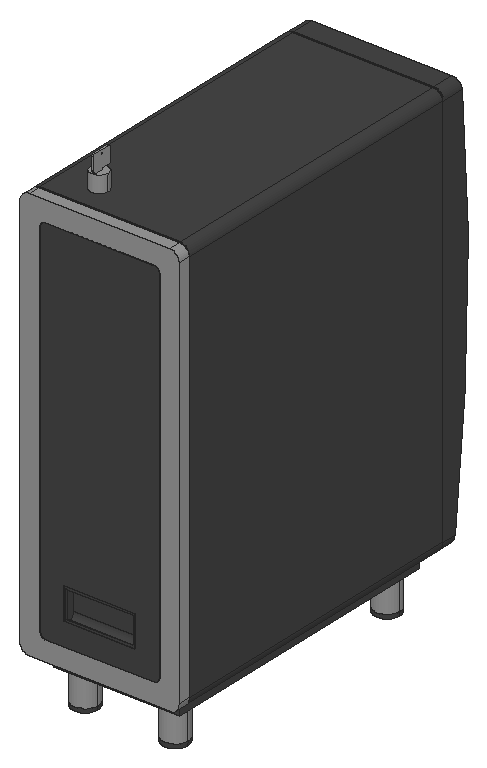
Revit family "Franke_Kartenleser-A600_A800_A1000", category Sonderausstattung, Revit 2015
Parameters (values of type "Kartenleser-A600, A800, A1000(85-264V/anthrazit/EU)")
  URL = "http://www.franke.com/main/de/cs/produkte/produktsuche/produktsuche.html#akCache=true&p=1&t=grid&f=cat14_3210"
  Tiefe = 452 mm
  Spannung min = 85 V
  Spannung max. = 264 V
  Netzfrequenz alternativ = 60 Hz
  Netzfrequenz = 50 Hz
  Modell = "410906 - Kartenleser-A600, A800, A1000"
  Leistung = "Leistung systemabhängig"
  Kosten = 0
  Höhe = 585 mm
  Hersteller = "Franke"
  Energieverlust nach DIN18873 = "k.A."
  Breite = 200 mm
  Beschreibung = "Beistellgehäuse ist für die Integration eines bauseitig vorhandenen Wert- oder Geldkartenleser vorbereitet"
  Assembly Code = "Beistellgehäuse für Wert- und Geldkartensyteme"
  Keynote = "Beistellgehäuse für Wert- und Geldkartensyteme"
  Aufstellgewicht = "18 kg"
  Anzahl von Polen = 1
  Anzahl der Schutzleiter = "1"
  Anzahl der Nullleiter = "1"
  Abdeckung = Franke Anthrazit
Types (3, lengths in mm): name | Abdeckung
  (no name) | Franke Anthrazit
  Kartenleser-A600, A800, A1000(85-264V/black line/EU) | Franke Black
  Kartenleser-A600, A800, A1000(85-264V/anthrazit/EU) | Franke Anthrazit
Reference planes
  plane 1 "Mitte (Vorne/Hinten)": y = 0
  plane 2: z = 0
  plane 3 "Mitte (Links/Rechts)": x = 0
Forms (mm)
  Extrusion 1, solid, material "Franke Black"
    sketch origin (0, 0, 0) x (0, 1, 0) y (0, 0, 1)
      loop
        line (186.97, 65) -> (-188.03, 65) -> (-188.03, 45) -> (186.97, 45) -> (186.97, 65)
    from -79 to 79
  Extrusion 2, solid, material "Franke Black"
    sketch origin (-1000, 0, 0) x (0, 1, 0) y (0, 0, 1)
      loop
        line (199.53, 585) -> (199.53, 65) -> (216.03, 65)
        arc (216.03, 65) -> (224.982, 150.997) -> (233.478, 237.039) r 16328.175
        arc (233.478, 237.039) -> (233.864, 241.879) -> (234.093, 246.728) r 150
        arc (234.093, 246.728) -> (236.227, 326.074) -> (237.701, 405.435) r 9548.581
        arc (237.701, 405.435) -> (237.699, 406.999) -> (237.648, 408.563) r 50
        arc (237.648, 408.563) -> (233.118, 496.797) -> (228.03, 585) r 14002.549
        line (228.03, 585) -> (199.53, 585)
    from 900 to 1100
  Extrusion 3, void
    sketch origin (-1000, 0, 0) x (1, 0, 0) y (0, 0, 1)
      loop
        arc (1088, 585) -> (1096.485, 581.485) -> (1100, 573) r 12
        line (1100, 573) -> (1110, 573) -> (1110, 595) -> (1088, 595) -> (1088, 585)
      loop
        line (1088, 65) -> (1088, 55) -> (1110, 55) -> (1110, 77) -> (1100, 77)
        arc (1100, 77) -> (1096.485, 68.515) -> (1088, 65) r 12
      loop
        line (912, 585) -> (912, 595) -> (890, 595) -> (890, 573) -> (900, 573)
        arc (900, 573) -> (903.515, 581.485) -> (912, 585) r 12
      loop
        arc (912, 65) -> (903.515, 68.515) -> (900, 77) r 12
        line (900, 77) -> (890, 77) -> (890, 55) -> (912, 55) -> (912, 65)
    from -305.226 to 299.817
  Extrusion 4, solid, material "Franke Black"
    sketch origin (0, 397.56, 0) x (1, 0, 0) y (0, 0, 1)
      loop
        line (-85, 65) -> (85, 65) -> (85, 575) -> (-85, 575) -> (-85, 65)
    from 198.03 to 199.53
  Extrusion 5, solid
    sketch origin (0, 0, 0) x (1, 0, 0) y (0, 0, 1)
      loop
        line (-85, 65) -> (85, 65) -> (85, 575) -> (-85, 575) -> (-85, 65)
    from 198.03 to 199.53
  Extrusion 6, solid, material "Franke Black"
    sketch origin (0, 0, 0) x (1, 0, 0) y (0, 0, 1)
      loop
        line (88, 585) -> (-88, 585)
        arc (-88, 585) -> (-96.485, 581.485) -> (-100, 573) r 12
        line (-100, 573) -> (-100, 77)
        arc (-100, 77) -> (-96.485, 68.515) -> (-88, 65) r 12
        line (-88, 65) -> (88, 65)
        arc (88, 65) -> (96.485, 68.515) -> (100, 77) r 12
        line (100, 77) -> (100, 573)
        arc (100, 573) -> (96.485, 581.485) -> (88, 585) r 12
    from -198.03 to 198.03
  Extrusion 7, solid, material "Franke Stahl, verchromt"
    sketch origin (0, 0, 0) x (1, 0, 0) y (0, 1, 0)
      loop
        circle (-42, -162.53) r 11
    from 585 to 605
  Extrusion 8, solid, material "Franke Anthrazit" <- "Abdeckung"
    sketch origin (0, 0, 0) x (1, 0, 0) y (0, 0, 1)
      loop
        line (88, 585) -> (-88, 585)
        arc (-88, 585) -> (-96.485, 581.485) -> (-100, 573) r 12
        line (-100, 573) -> (-100, 77)
        arc (-100, 77) -> (-96.485, 68.515) -> (-88, 65) r 12
        line (-88, 65) -> (88, 65)
        arc (88, 65) -> (96.485, 68.515) -> (100, 77) r 12
        line (100, 77) -> (100, 573)
        arc (100, 573) -> (96.485, 581.485) -> (88, 585) r 12
      loop
        arc (67, 90) -> (72.657, 92.343) -> (75, 98) r 8
        line (75, 98) -> (75, 552)
        arc (75, 552) -> (72.657, 557.657) -> (67, 560) r 8
        line (67, 560) -> (-67, 560)
        arc (-67, 560) -> (-72.657, 557.657) -> (-75, 552) r 8
        line (-75, 552) -> (-75, 98)
        arc (-75, 98) -> (-72.657, 92.343) -> (-67, 90) r 8
        line (-67, 90) -> (67, 90)
    from 199.53 to 214.53
  Extrusion 9, solid, material "Franke Black"
    sketch origin (0, 0, 0) x (1, 0, 0) y (0, 0, 1)
      loop
        arc (-67, 560) -> (-72.657, 557.657) -> (-75, 552) r 8
        line (-75, 552) -> (-75, 98)
        arc (-75, 98) -> (-72.657, 92.343) -> (-67, 90) r 8
        line (-67, 90) -> (67, 90)
        arc (67, 90) -> (72.657, 92.343) -> (75, 98) r 8
        line (75, 98) -> (75, 552)
        arc (75, 552) -> (72.657, 557.657) -> (67, 560) r 8
        line (67, 560) -> (-67, 560)
    from 199.53 to 214.53
  Extrusion 10, solid, material "Franke Black"
    sketch origin (0, 0, 0) x (1, 0, 0) y (0, 0, 1)
      loop
        line (-85, 65) -> (85, 65) -> (85, 575) -> (-85, 575) -> (-85, 65)
    from 198.03 to 199.53
  Extrusion 11, solid, material "Franke Stahl, verchromt"
    sketch origin (0, 0, 39.5) x (0, 1, 0) y (0, 0, 1)
      loop
        arc (-172.53, 569.367) -> (-172.178, 568.234) -> (-171.247, 567.5) r 2
        line (-171.247, 567.5) -> (-171.247, 565.5) -> (-160.53, 565.5) -> (-160.53, 566.541)
        arc (-160.53, 566.541) -> (-160.249, 567.219) -> (-159.571, 567.5) r 0.959
        line (-159.571, 567.5) -> (-149.53, 567.5)
        arc (-149.53, 567.5) -> (-148.116, 568.086) -> (-147.53, 569.5) r 2
        line (-147.53, 569.5) -> (-147.53, 585.5)
        arc (-147.53, 585.5) -> (-148.116, 586.914) -> (-149.53, 587.5) r 2
        line (-149.53, 587.5) -> (-170.53, 587.5)
        arc (-170.53, 587.5) -> (-171.944, 586.914) -> (-172.53, 585.5) r 2
        line (-172.53, 585.5) -> (-172.53, 569.367)
      loop
        circle (-160.03, 583.965) r 2
    from -43 to -41
  Extrusion 12, solid, material "Franke Black"
    sketch origin (0, 0, 20) x (1, 0, 0) y (0, 0, 1)
      loop
        line (-44.5, 139) -> (-44.5, 100) -> (44.5, 100) -> (44.5, 139) -> (-44.5, 139)
      loop
        line (-42.5, 137) -> (-42.5, 102) -> (42.5, 102) -> (42.5, 137) -> (-42.5, 137)
    from 212.53 to 214.53
  Extrusion 13, void
    sketch origin (0, 0, 20) x (0, 1, 0) y (0, 0, 1)
      loop
        line (-231.966, 139) -> (-231.966, 100) -> (-212.53, 100) -> (-212.53, 95) -> (-210.53, 95)
        arc (-210.53, 95) -> (-203.459, 97.929) -> (-200.53, 105) r 10
        line (-200.53, 105) -> (-200.53, 144) -> (-212.53, 144) -> (-212.53, 139) -> (-231.966, 139)
    from -44.5 to 44.5
  Extrusion 14, solid, material "Franke Stahl, verchromt"
    sketch origin (0, 0, 41) x (1, 0, 0) y (0, 1, 0)
      loop
        circle (0, 156.641) r 2.5
    from 0 to 4
  Extrusion 15, solid, material "Franke Stahl, verchromt"
    sketch origin (-35.869, -27.22, 0) x (1, 0, 0) y (0, 1, 0)
      loop
        circle (92.493, -139.31) r 16
      loop
        circle (-20.755, -139.31) r 16
      loop
        circle (92.493, 192.69) r 16
      loop
        circle (-20.755, 192.69) r 16
    from 5 to 45
  Extrusion 16, solid, material "Franke Black"
    sketch origin (-35.869, -27.22, 10) x (0, -1, 0) y (1, 0, 0)
      loop
        circle (139.31, 92.493) r 16
      loop
        circle (139.31, -20.755) r 16
      loop
        circle (-192.69, 92.493) r 16
      loop
        circle (-192.69, -20.755) r 16
    from -10 to -5
Cuts and joins
  Extrusion 3 cuts Extrusion 8
  Extrusion 3 cuts Extrusion 2
  Extrusion 13 cuts Extrusion 9
Lines and regions (mm)
  model lines
    curve 1: line (0, 561.766, 45) -> (0, -448.234, 45)
Dimensions and locks
  aligned and locked: level to plane 2
Connectors
  electrical at (0, 156.641, 41), driven by "Spannung max.", driven by "Anzahl von Polen"
    settings: on Extrusion 14, index 2, voltage 264 V, apparent load 0 VA, apparent load phase1 0 VA, apparent load phase2 0 VA, apparent load phase3 0 VA, power factor 1, load classification "Strom", number of poles 1, system type 31, power factor state 1, is connector primary yes, connector utility no, sub classification motor no, connector description ""
